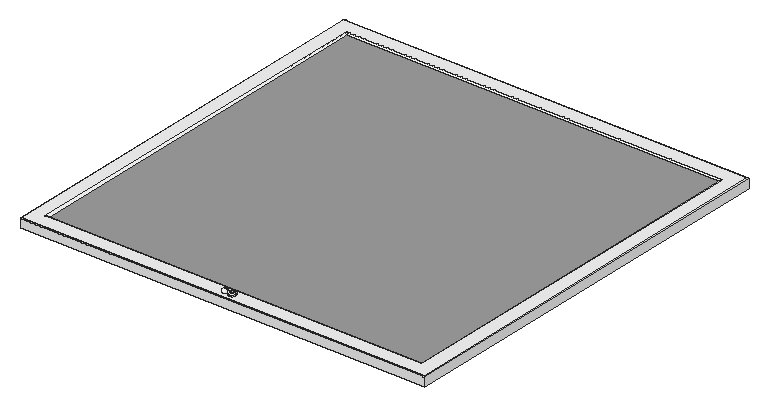
Revit family "0047013 Feilo Sylvania Lighting Fixture START FLAT PANEL UGR19 600 4000K SSH01", category Lighting Fixtures, host Face, Revit 2016
Family settings
  Host = Face
  Part Type = Normal
  Round Connector Dimension = Use Diameter
  OmniClass Number = 23.80.70.00
  OmniClass Title = Lighting
  Cut with Voids When Loaded = No
  Light Source = Yes
  Shared = No
  Room Calculation Point = No
Parameters (values of type "0047013 START FLAT PANEL UGR19 600 4000K SSH01")
  Weight = "4.4 kg"
  Wattage Comments = ""
  Wattage = 38 W
  WarrantyStartDate [instance] = "n/a"
  WarrantyGuarantorParts = "n/a"
  WarrantyDurationUnit = "n/a"
  WarrantyDurationParts = "n/a"
  WarrantyDescription = "n/a"
  built-in parameter 1150110 = 1 (stored number, unit not read)
  Voltage = 240 V
  URL = "http://www.feilosylvania.com"
  TypeName = "START FLAT PANEL UGR19 600 4000K SSH01"
  Type Image = <None>
  Type Comments = "n/a"
  built-in parameter 1114217 = 1 (stored number, unit not read)
  Tilt Angle = -90.00°
  built-in parameter 1150109 = 1 (stored number, unit not read)
  built-in parameter 1150134 = 12
  built-in parameter 1150113 = 1 (stored number, unit not read)
  SerialNumber [instance] = "n/a"
  Photometric Web File = "0047013.ies"
  Material_3_FEILO = none
  PowerFactor = 0.9
  PowerConsumption = "38 W"
  NominalLength = 596 mm
  NominalHeight = 13 mm
  NominalDepth = 596 mm
  Name = "START FLAT PANEL UGR19 600 4000K SSH01"
  ModelReference = Name  # "START FLAT PANEL UGR19 600 4000K SSH01"
  ModelNumber = "0047013"
  Model = Name  # "START FLAT PANEL UGR19 600 4000K SSH01"
  Material = "steel housing, pmma  diffuser"
  ManufacturerName = "Feilo Sylvania"
  Manufacturer = "Feilo Sylvania"
  LuminousEfficacy = "92 lm/W"
  built-in parameter 1150105 = 1461.4 (stored number, unit not read)
  Lumens = 3496 lm
  LuminaireType = ""
  built-in parameter 1150115 = 1 (stored number, unit not read)
  LightOutputRatio = "100"
  built-in parameter 1150137 = (empty or 0)
  built-in parameter 1150139 = (empty or 0)
  LampsType = Lamp  # "LED"
  LampNominalLuminous = "3500 lm"
  LampMacAdamStep = "3"
  LampColourTemperature = "4000 K"
  LampColourRenderingIndex = "80"
  built-in parameter 1150112 = 1 (stored number, unit not read)
  built-in parameter 1150114 = 1 (stored number, unit not read)
  Lamp = "LED"
  Keynote = "16500"
  InstallationDate [instance] = "n/a"
  InputVoltage = "240V~"
  InputNominalFrequency = "50 Hz"
  built-in parameter 1150132 = (empty or 0)
  built-in parameter 1150102 = (empty or 0)
  built-in parameter 1150107 = 4000 (stored number, unit not read)
  built-in parameter 1150138 = (empty or 0)
  IngressProtection = "IP20"
  ImpactProtectionIndex = "IK06"
  built-in parameter 1150106 = 14.614 (stored number, unit not read)
  IfcExportType = "IfcLightFixtureType"
  IfcExportAs = "IfcLightFixtureType"
  ExpectedLife = 50000
  Emit from Rectangle Width = 540 mm
  Emit from Rectangle Length = 540 mm
  Emit Shape Visible in Rendering = no
  ElectricShockClassification = "Class 0"
  built-in parameter 1150104 = 8.5471 (stored number, unit not read)
  DurationUnit = "hours"
  DocumentationLiterature = "http://www.feilosylvania.com/product/en-int/products/0047013"
  DimmingControlOptions = "n/a"
  Material_2_FEILO = LED-Sylvania-StartFlatPanelSSH
  Dimming Lamp Color Temperature Shift = <None>
  Description = "Edge lit LED flat panel. SYLSMART Connected Building - Fully wireless, adaptive, dynamic smart system.  38 W, Neutral White, 4000 K, 3500 lumens, 92 lm/W, 50000 hours lifetime (L70), PMMA opal diffuser, aluminium frame, steel body, electronic non dimmable driver. (HxWxD) 13 x 596 x 596 mm"
  Default Elevation = 1219.2 mm
  CreatedOn = "2/7/2018"
  CreatedBy = "aron.fodor@feilosylvania.com"
  Cost = 0
  Color Filter = 16777215
  built-in parameter 1114216 [instance] = (empty or 0)
  ClassificationValue = "EF_70_80"
  ClassificationName = "Uniclass2015"
  Material_1_FEILO = Body-Sylvania-StartFlatPanelSSH
  BarCode [instance] = "n/a"
  built-in parameter 1114218 = 1 (stored number, unit not read)
  built-in parameter 1150133 = 10 (stored number, unit not read)
  AssetType = "Fixed"
  AssetIdentifier [instance] = "n/a"
  Assembly Code = "D5020200"
  Apparent Load = 38 VA
  Material_4_FEILO = none
Reference planes
  plane 1 "Center (Front/Back)": y = 0
  plane 2: z = 0
  plane 3 "Center (Left/Right)": x = 0
  plane 4: x = 298
  plane 5: x = -298
  plane 6: y = 298
  plane 7: y = -298
  plane 8: y = 274
  plane 9: x = -274
  plane 10: x = 274
  plane 11: z = 14
  plane 12: z = -30
  plane 13: z = -18
  plane 14: z = 12.5
  plane 15: y = -286
  plane 16: x = -6
  plane 17: x = 5
  plane 18: z = 17
  plane 19: x = 2.75
  plane 20: x = -301
  plane 21: x = -228
  plane 22: x = 54
  plane 23: y = 50
  plane 24: y = -50
  plane 25: y = -38
  plane 26: x = -278
  plane 27: y = -274
Forms (mm)
  Extrusion 1, solid, material "Body-Sylvania-StartFlatPanelSSH" <- "Material_1_FEILO"
    sketch origin (0, 0, 0) x (1, 0, 0) y (0, 1, 0)
      loop
        line (-298, 298) -> (-298, -298) -> (298, -298) -> (298, 298) -> (-298, 298)
      loop
        line (-274, 274) -> (-274, -274) -> (274, -274) -> (274, 274) -> (-274, 274)
    from 0 to 14
  Extrusion 2, solid, material "Body-Sylvania-StartFlatPanelSSH" <- "Material_1_FEILO"
    sketch origin (0, 0, 0) x (1, 0, 0) y (0, 1, 0)
      loop
        line (-274, 274) -> (-274, -274) -> (274, -274) -> (274, 274) -> (-274, 274)
    from 0 to 12.5
  Revolve 3, solid, material "Body-Sylvania-StartFlatPanelSSH" <- "Material_1_FEILO", detail levels medium+fine
    sketch origin (1524, -286, 1219.2) x (1, 0, 0) y (0, 0, 1)
      loop
        line (-1534, -1205.2) -> (-1530, -1205.2) -> (-1530, -1201.2)
        arc (-1530, -1201.2) -> (-1532.828, -1202.372) -> (-1534, -1205.2) r 4
      axis (-1530, -1201.2) -> (-1530, -1205.2)
    angle from 360 to 0
  Revolve 4, solid, material "Body-Sylvania-StartFlatPanelSSH" <- "Material_1_FEILO", detail levels medium+fine
    sketch origin (1524, -286, 1219.2) x (1, 0, 0) y (0, 0, 1)
      loop
        arc (-1523, -1202.2) -> (-1523.707, -1202.493) -> (-1524, -1203.2) r 1
        line (-1524, -1203.2) -> (-1524, -1205.2) -> (-1521.25, -1205.2) -> (-1521.25, -1202.2) -> (-1523, -1202.2)
      axis (-1519, -1202.2) -> (-1519, -1205.2)
    angle from 360 to 0
  Sweep 5, void
    path in 3D
      loop
        line (-298, -298, 14) -> (298, -298, 14) -> (298, 298, 14) -> (-298, 298, 14) -> (-298, -298, 14)
    profile origin (-298, 0, 14) x (1, 0, 0) y (0, 0, 1)
      loop
        line (1, 0) -> (2.476, 0) -> (2.476, 3) -> (-3, 3) -> (-3, -2.527) -> (0, -2.527) -> (0, -1)
        arc (0, -1) -> (0.293, -0.293) -> (1, 0) r 1
  Extrusion 6, solid
    sketch origin (-6, 1524, 1219.2) x (0, 1, 0) y (0, 0, 1)
      loop
        line (-1574, -1219.2) -> (-1574, -1237.2) -> (-1562, -1249.2) -> (-1474, -1249.2) -> (-1474, -1219.2) -> (-1574, -1219.2)
    from 0 to 60
  Sweep 7, void
    path in 3D
      loop
        line (-274, 274, 14) -> (274, 274, 14) -> (274, -274, 14) -> (-274, -274, 14) -> (-274, 274, 14)
    profile origin (-274, 0, 14) x (-1, 0, 0) y (0, 0, 1)
      loop
        line (0, 0) -> (0, -1.5) -> (4, 0) -> (0, 0)
Cuts and joins
  Sweep 5, Sweep 7 cuts Extrusion 1
  Sweep 7 cuts Extrusion 2
  joined: Extrusion 1, Extrusion 2
Lines and regions (mm)
  sketch lines
    curve 1: line (-298, 298, 14) -> (-298, -298, 14)
    curve 2: line (298, 298, 14) -> (-298, 298, 14)
    curve 3: line (298, -298, 14) -> (298, 298, 14)
    curve 4: line (-298, -298, 14) -> (298, -298, 14)
    curve 5: line (-274, -274, 14) -> (-274, 274, 14)
    curve 6: line (-274, 274, 14) -> (274, 274, 14)
    curve 7: line (274, -274, 14) -> (-274, -274, 14)
    curve 8: line (274, 274, 14) -> (274, -274, 14)
Dimensions and locks
  equal spacing: plane 5, plane 3 "Center (Left/Right)", plane 4
  equal spacing: plane 7, plane 1 "Center (Front/Back)", plane 6
  equal spacing: plane 9, plane 3 "Center (Left/Right)", plane 10
  locked: plane 5 to plane 9 at 24
  locked: plane 8 to plane 6 at 24
  locked: plane 11 to plane 2 at 14
  plane 2 to plane 13 to plane 12 = 18 mm locked, 12 mm locked
  locked: plane 11 to plane 14 at 1.5
  plane 16 to plane 3 "Center (Left/Right)" to plane 17 = 6 mm locked, 5 mm locked
  locked: plane 18 to plane 11 at 3
  locked: plane 19 to plane 17 at 2.25
  locked: plane 5 to plane 20 at 3
  plane 21 to plane 9 = 46 mm
  locked: plane 22 to plane 16 at 60
  equal spacing: plane 24, plane 1 "Center (Front/Back)", plane 23
  locked: plane 24 to plane 25 at 12
  plane 1 "Center (Front/Back)" to plane 6 = 298 mm
  plane 5 to plane 3 "Center (Left/Right)" = 298 mm
  locked: plane 9 to plane 26 at 4
  equal spacing: plane 27, plane 1 "Center (Front/Back)", plane 8
  locked: plane 7 to plane 15 at 12
  aligned and locked: plane 2 to host face
  aligned and locked: level to host face
  aligned and locked: plane 6 to Extrusion 1 sketch curve
  aligned and locked: plane 5 to Extrusion 1 sketch curve
  aligned and locked: Extrusion 1 sketch curve to plane 7
  aligned and locked: Extrusion 1 sketch curve to plane 4
  aligned and locked: plane 8 to Extrusion 1 sketch curve
  aligned and locked: plane 9 to Extrusion 1 sketch curve
  aligned and locked: Extrusion 1 sketch curve to plane 10
  aligned and locked: Extrusion 1 to plane 11
  aligned and locked: Extrusion 1 to level
  aligned and locked: Extrusion 2 sketch curve to Extrusion 1  (x3)
  aligned and locked: Extrusion 2 to level
  aligned and locked: Extrusion 2 to plane 14
  aligned and locked: Revolve 3 sketch curve to plane 16
  aligned and locked: plane 11 to Revolve 3 sketch curve  (x2)
  aligned and locked: plane 16 to Revolve 3 sketch curve  (x3)
  aligned and locked: plane 18 to Revolve 4 sketch curve
  aligned and locked: plane 3 "Center (Left/Right)" to Revolve 4 sketch curve
  aligned and locked: Revolve 4 sketch curve to plane 11
  aligned and locked: Revolve 4 sketch curve to plane 19
  aligned and locked: Revolve 4 sketch curve to plane 17
  aligned and locked: Sweep 5 sketch curve to Extrusion 1
  aligned and locked: plane 20 to Sweep 5 sketch curve
  aligned and locked: plane 18 to Sweep 5 sketch curve
  aligned and locked: Sweep 5 sketch curve to profile plane
  aligned and locked: plane 24 to Extrusion 6 sketch curve
  aligned and locked: plane 25 to Extrusion 6 sketch curve
  aligned and locked: plane 12 to Extrusion 6 sketch curve
  aligned and locked: Extrusion 6 sketch curve to plane 23
  aligned and locked: Extrusion 6 sketch curve to level
  aligned and locked: Extrusion 6 to plane 16
  aligned and locked: plane 22 to Extrusion 6
  aligned and locked: Extrusion 2 sketch curve to plane 27
  aligned and locked: Extrusion 1 sketch curve to plane 27
  aligned and locked: cut or joined group of Extrusion 1, Extrusion 2, Sweep 5, Sweep 7 to Sweep 7 sketch curve
  aligned and locked: Sweep 7 sketch curve to cut or joined group of Extrusion 1, Extrusion 2, Sweep 5, Sweep 7  (x3)
  aligned and locked: plane 3 "Center (Left/Right)" to imposter light
  aligned and locked: imposter light to plane 1 "Center (Front/Back)"
Automatic sketch dimensions
  host sketch curve to host sketch curve = 2438.4 mm  (x2)
  Revolve 3 sketch curve to Revolve 3 sketch curve = 4 mm
  plane 12 to Revolve 3 sketch curve = 274.8 mm
  Revolve 3 sketch curve to Revolve 3 sketch curve = 2420.4 mm
  plane 3 "Center (Left/Right)" to Revolve 4 sketch curve = 1 mm
  plane 12 to Revolve 4 sketch curve = 274.8 mm
  Revolve 4 sketch curve to plane 18 = 2420.4 mm
  Sweep 5 sketch curve to Sweep 5 sketch curve = 1 mm
  Sweep 5 sketch curve to Sweep 5 sketch curve = 1.476 mm
  Sweep 5 sketch curve to profile plane = 2.527 mm
  plane 13 to Extrusion 6 sketch curve = 0 mm
  Sweep 7 sketch curve to profile plane = 4 mm
Connectors
  electrical at (0, 0, 0), driven by "Apparent Load", driven by "PowerFactor", driven by "Voltage"
    settings: index 1, voltage 240 V, apparent load 38 VA, apparent load phase1 0 VA, apparent load phase2 0 VA, apparent load phase3 0 VA, power factor 0.9, load classification "Lighting", number of poles 1, system type 30, power factor state 1, is connector primary yes, connector utility no, sub classification motor no, connector description ""
